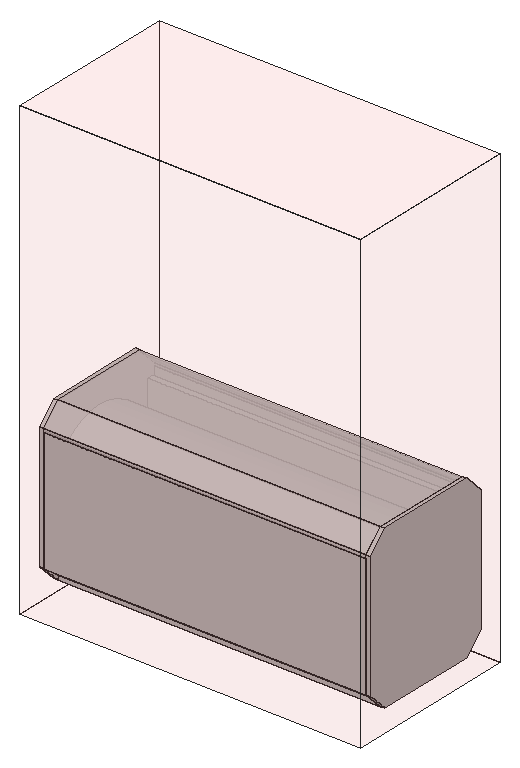
Revit family "Air-Curtain_Insect-Control_PoweredAire_BCE-BCT", category Mechanical Equipment, host Face, Revit 2023
Family settings
  Host = Face
  Round Connector Dimension = Use Diameter
  Part Type = Normal
  OmniClass Number = 23.75.35.17.21
  OmniClass Title = Air Curtains
  Cut with Voids When Loaded = No
  Maintain Annotation Orientation = No
  Shared = No
  Room Calculation Point = No
Parameters
  Warranty Duration (Years) = 0
  Unit Width Notes = "Other Widths available."  # constant formula
  Unit Width = 3' - 0"
  Unit Weight = 0
  Unit Height = 1' - 3"
  Unit Depth = 1' - 5 1/2"
  URL = "http://www.poweredaire.com/"
  Test Data = ""
  Standards Conformance = "as Specified"
  Specification = "http://www.arcat.com/sdspecs/htm04/23_34_33pai.htm"
  SpecWizard = ""
  Sound Pressure = "as Specified"
  Sales Information = "http://www.poweredaire.com/contact_us"
  Revision = "R1_2016-08"
  Projection from Host [instance] = 0' - 2"
  Product Properties = ""
  Product Data = "http://www.arcat.com/arcatcos/cos47/arc47623.html"
  Power Rating = 0 W
  Nozzle Width = if(1 = 1, Unit Width - 0' 1", 0' 0")  # 2' - 11"
  Mounting Width = if(1 = 1, Unit Width - 0' 0 15/16", 0' 0")  # 2' - 11 1/16"
  Mounting Height [instance] = 3' - 6"
  Motor RPM = 0
  Motor HP = 0
  Motor Count = 0
  Model = "As Specified"
  Max Height = 0' - 0"
  Manufacturer Website = "http://www.poweredaire.com/"
  Manufacturer Phone - Toll Free = "888-321-2473"
  Manufacturer Phone = "724-588-3305"
  Manufacturer Fax = "724-588-3371"
  Manufacturer Address = "109 Mortensen Rd.  Greenville, PA 16125"
  Manufacturer = "Powered Aire, Inc"
  Maintenance Schedule (Months) = 0
  Keynote = "23 34 33"
  Installation-Fabrication = ""
  Installation Phase = ""
  Include Clearance [instance] = yes
  Heating Element Load = 0 W
  HVAC_Temperature Rise = 0 °F
  HVAC_Outlet Volume = 0 CFM
  HVAC_Outlet Velocity Uniformity = 0
  HVAC_Outlet Velocity = 0 FPM
  Green Building-LEED = "http://www.arcat.com/green/clients/leed_data_47623.html"
  Front Grating Material [instance] = Metal - Steel - PoweredAire - Stainless 304 Perforated
  Frame Finish [instance] = Metal - Steel - PoweredAire - Stainless 304
  Expected Lifespan (Years) = 0
  Electrical_Wattage [instance] = Power Rating + Heating Element Load  # 0 W
  Electrical_Voltage [instance] = 0 V
  Electrical_Phase [instance] = 1
  Electrical_Frequency [instance] = 0 Hz
  Electrical_Amperage [instance] = 0 A
  Drawn By = "Sumex Design, Inc. / Robert S. Weygant, CSI, CDT, SCIP"
  Description = "Powered Aire Air Curtain as Specified"
  Default Elevation = 0' - 0"  # constant formula
  Copyright = "©Arcat Inc."
  Construction Details = "http://www.arcat.com/details/powair/prod3336.html"
  Clearance_Top [instance] = 0' - 2"
  Clearance_Side B [instance] = 0' - 0 1/2"
  Clearance_Side A [instance] = 0' - 0 1/2"
  Clearance_Intake [instance] = 2' - 6"
  Clearance_Bottom [instance] = 0' - 2"
  Clearance Material [instance] = ARCAT Clearance
  Building Codes = ""
  Available Options [instance] = "as Specified"
  Assembly Code = "D3090400"
Reference planes (in)
  plane 1 "Center (Elevation)": y = 0.13818
  plane 2: z = 0
  plane 3 "Center (Left/Right)": x = 0
  plane 4: y = 7.63818
  plane 5: y = -7.36182
  plane 6: x = -18
  plane 7: x = 18
  plane 8: z = 19.5
  plane 9 "FF": y = -41.86182
  plane 10: z = 2
  plane 11: x = 17.5
  plane 12: x = -17.5
  plane 13: y = 9.63818
  plane 14: y = -9.36182
  plane 15: x = -18.5
  plane 16: x = 18.5
  plane 17: z = 49.5
Forms (in)
  Extrusion 1, solid, material "Metal - Steel - PoweredAire - Stainless 304" <- "Frame Finish"
    sketch origin (0, 0, 0) x (0, 1, 0) y (0, 0, 1)
      loop
        line (5.69363, 2) -> (7.63818, 3.94454) -> (7.63818, 17.55546) -> (5.69363, 19.5) -> (-5.41728, 19.5) -> (-7.36182, 17.55546) -> (-7.36182, 3.94454) -> (-5.41728, 2) -> (5.69363, 2)
    from 17.5 to 18
  Extrusion 2, solid, material "Metal - Steel - PoweredAire - Stainless 304" <- "Frame Finish"
    sketch origin (0, 0, -0.5) x (0, 1, 0) y (0, 0, 1)
      loop
        circle (0.13818, 10.9739) r 6.25
      loop
        line (6.63818, 16.89427) -> (6.63818, 5.87829) -> (7.33849, 5.87829) -> (7.33849, 16.89427) -> (6.63818, 16.89427)
      loop
        line (-7.02798, 16.76927) -> (-7.02798, 5.75329) -> (-6.36182, 5.75329) -> (-6.36182, 16.76927) -> (-7.02798, 16.76927)
    from -17.5 to 17.5
  Extrusion 3, solid, material "Metal - Steel - PoweredAire - Stainless 304" <- "Frame Finish"
    sketch origin (0, 0, 0) x (0, 1, 0) y (0, 0, -1)
      loop
        line (5.69363, -2) -> (-5.41728, -2) -> (-7.36182, -3.94454) -> (-7.36182, -17.55546) -> (-5.41728, -19.5) -> (5.69363, -19.5) -> (7.63818, -17.55546) -> (7.63818, -3.94454) -> (5.69363, -2)
    from 17.5 to 18
  Extrusion 4, solid, material "Metal - Steel - PoweredAire - Stainless 304" <- "Frame Finish"
    sketch origin (0, 0, 0) x (0, 1, 0) y (0, 0, 1)
      loop
        line (-5.41728, 2) -> (5.69363, 2) -> (7.63818, 3.94454) -> (7.63818, 17.19454) -> (7.51318, 17.19454) -> (7.51318, 3.99632) -> (5.64186, 2.125) -> (-5.29228, 2.125) -> (-5.29228, 4.06954) -> (-7.23682, 4.06954) -> (-7.23682, 17.19454) -> (-7.36182, 17.19454) -> (-7.36182, 3.94454) -> (-5.41728, 3.94454) -> (-5.41728, 2)
      loop
        line (-6.64819, 3.61034) -> (-5.8702, 2.83235) -> (-5.74472, 2.95783) -> (-6.52271, 3.73583) -> (-6.64819, 3.61034)
    from -17.5 to 17.5
  Extrusion 5, solid, material "Metal - Steel - PoweredAire - Stainless 304 Perforated" <- "Front Grating Material"
    sketch origin (0, 0, 0) x (0, 1, 0) y (0, 0, 1)
      loop
        line (-7.36182, 17.19454) -> (-7.23682, 17.19454) -> (-7.23682, 17.50368) -> (-5.3655, 19.375) -> (5.64186, 19.375) -> (7.51318, 17.50368) -> (7.51318, 17.19454) -> (7.63818, 17.19454) -> (7.63818, 17.55546) -> (5.69363, 19.5) -> (-5.41728, 19.5) -> (-7.36182, 17.55546) -> (-7.36182, 17.19454)
    from -17.5 to 17.5
  Extrusion 6, solid, material "ARCAT Clearance" <- "Clearance Material", visible <- "Include Clearance"
    sketch origin (0, 0, 0) x (0, 1, 0) y (0, 0, 1)
      loop
        line (-9.36182, 49.5) -> (-9.36182, 0) -> (9.63818, 0) -> (9.63818, 49.5) -> (-9.36182, 49.5)
    from -18.5 to 18.5
Dimensions and locks (in)
  equal spacing: plane 4, plane 1 "Center (Elevation)", plane 5
  "Unit Height": plane 4 to plane 5
  equal spacing: plane 6, plane 3 "Center (Left/Right)", plane 7
  "Unit Width": plane 6 to plane 7
  "Mounting Height": plane 1 "Center (Elevation)" to plane 9 "FF"
  "Projection from Host": plane 10 to level
  "Unit Depth": plane 8 to plane 10
  locked: plane 6 to plane 12 at 0.5
  locked: plane 11 to plane 7 at 0.5
  "Clearance_Side A": plane 7 to plane 16
  "Clearance_Side B": plane 15 to plane 6
  "Clearance_Top": plane 13 to plane 4
  "Clearance_Bottom": plane 5 to plane 14
  "Clearance_Intake": plane 17 to plane 8
  aligned and locked: plane 2 to host face
  aligned and locked: level to host face
  aligned and locked: plane 7 to Extrusion 1
  aligned and locked: Extrusion 1 to plane 11
  aligned and locked: plane 12 to Extrusion 3
  aligned and locked: Extrusion 3 to plane 6
  aligned and locked: Extrusion 2 to plane 12
  aligned and locked: plane 11 to Extrusion 2
  aligned and locked: plane 11 to Extrusion 4
  aligned and locked: Extrusion 4 to plane 12
  aligned and locked: plane 11 to Extrusion 5
  aligned and locked: Extrusion 5 to plane 12
  aligned and locked: Extrusion 6 sketch curve to plane 17
  aligned and locked: plane 14 to Extrusion 6 sketch curve
  aligned and locked: level to Extrusion 6 sketch curve
  aligned and locked: Extrusion 6 sketch curve to plane 13
  aligned and locked: plane 16 to Extrusion 6
  aligned and locked: Extrusion 6 to plane 15
Automatic sketch dimensions
  host sketch curve to host sketch curve = 8' - 0"  (x2)
  Extrusion 1 sketch curve to plane 5 = 0' - 0"
  Extrusion 1 sketch curve to plane 8 = 0' - 0"
  Extrusion 1 sketch curve to plane 10 = 0' - 0"
  Extrusion 1 sketch curve to plane 4 = 0' - 0"
  plane 5 to Extrusion 1 sketch curve = 0' - 1.94454"  (x2)
  Extrusion 1 sketch curve to plane 4 = 0' - 1.94454"  (x2)
  plane 10 to Extrusion 1 sketch curve = 0' - 1.94454"  (x2)
  Extrusion 1 sketch curve to plane 8 = 0' - 1.94454"  (x2)
  Extrusion 2 sketch curve to plane 1 "Center (Elevation)" = 0' - 0"
  plane 5 to Extrusion 2 sketch curve = 0' - 1"
  plane 5 to Extrusion 2 sketch curve = 0' - 0.33384"
  Extrusion 2 sketch curve to plane 4 = 0' - 1"
  Extrusion 2 sketch curve to plane 4 = 0' - 0.29969"
  plane 10 to Extrusion 2 sketch curve = 0' - 3.37829"
  plane 10 to Extrusion 2 sketch curve = 0' - 3.25329"
  Extrusion 2 sketch curve to plane 8 = 0' - 9.0261"
  Extrusion 2 sketch curve to plane 8 = 0' - 3.23073"
  Extrusion 2 sketch curve to plane 8 = 0' - 3.10573"
  Extrusion 3 sketch curve to plane 5 = 0' - 0"
  Extrusion 3 sketch curve to plane 8 = 0' - 0"
  Extrusion 3 sketch curve to plane 10 = 0' - 0"
  Extrusion 3 sketch curve to plane 4 = 0' - 0"
  plane 5 to Extrusion 3 sketch curve = 0' - 1.94454"  (x2)
  Extrusion 3 sketch curve to plane 4 = 0' - 1.94454"  (x2)
  Extrusion 3 sketch curve to plane 8 = 0' - 1.94454"  (x2)
  plane 10 to Extrusion 3 sketch curve = 0' - 1.94454"  (x2)
  Extrusion 4 sketch curve to plane 5 = 0' - 0"
  Extrusion 4 sketch curve to plane 10 = 0' - 0"
  Extrusion 4 sketch curve to plane 4 = 0' - 0"
  plane 5 to Extrusion 4 sketch curve = 0' - 0 1/8"
  plane 5 to Extrusion 4 sketch curve = 0' - 0.71363"
  Extrusion 4 sketch curve to Extrusion 4 sketch curve = 0' - 0.12548"  (x2)
  Extrusion 4 sketch curve to Extrusion 4 sketch curve = 0' - 0.778"
  Extrusion 4 sketch curve to Extrusion 4 sketch curve = 0' - 0.32744"
  Extrusion 4 sketch curve to Extrusion 4 sketch curve = 0' - 0 1/8"  (x2)
  plane 10 to Extrusion 4 sketch curve = 0' - 0 1/8"
  Extrusion 4 sketch curve to plane 4 = 0' - 1.99632"
  Extrusion 4 sketch curve to Extrusion 4 sketch curve = 0' - 0.05178"  (x2)
  plane 10 to Extrusion 4 sketch curve = 0' - 0.83235"
  plane 10 to Extrusion 4 sketch curve = 0' - 1.94454"
  Extrusion 4 sketch curve to Extrusion 4 sketch curve = 0' - 0.3342"
  Extrusion 4 sketch curve to plane 4 = 0' - 0 1/8"
  Extrusion 4 sketch curve to plane 8 = 0' - 2.30546"  (x2)
  Extrusion 5 sketch curve to plane 5 = 0' - 0"
  Extrusion 5 sketch curve to plane 8 = 0' - 0"
  Extrusion 5 sketch curve to plane 4 = 0' - 0"
  plane 5 to Extrusion 5 sketch curve = 0' - 0 1/8"
  plane 5 to Extrusion 5 sketch curve = 0' - 1.94454"
  Extrusion 5 sketch curve to plane 8 = 0' - 0 1/8"
  Extrusion 5 sketch curve to Extrusion 5 sketch curve = 0' - 0.05178"  (x4)
  Extrusion 5 sketch curve to plane 4 = 0' - 1.99632"
  Extrusion 5 sketch curve to plane 8 = 0' - 1.94454"  (x2)
  Extrusion 5 sketch curve to Extrusion 5 sketch curve = 0' - 0 1/8"
  Extrusion 5 sketch curve to Extrusion 5 sketch curve = 0' - 0.30914"  (x2)
  radius of Extrusion 2 sketch curve = 0' - 6 1/4"
Connectors (in)
  electrical at (0, 7.63818, 10.56954), driven by "Electrical_Phase", driven by "Electrical_Voltage"
    settings: on Extrusion 4, index 1, voltage 0 V, apparent load 0 VA, apparent load phase1 0 VA, apparent load phase2 0 VA, apparent load phase3 0 VA, power factor 1, load classification "Motor", number of poles 1, system type 31, power factor state 1, is connector primary yes, connector utility no, sub classification motor no, connector description ""
